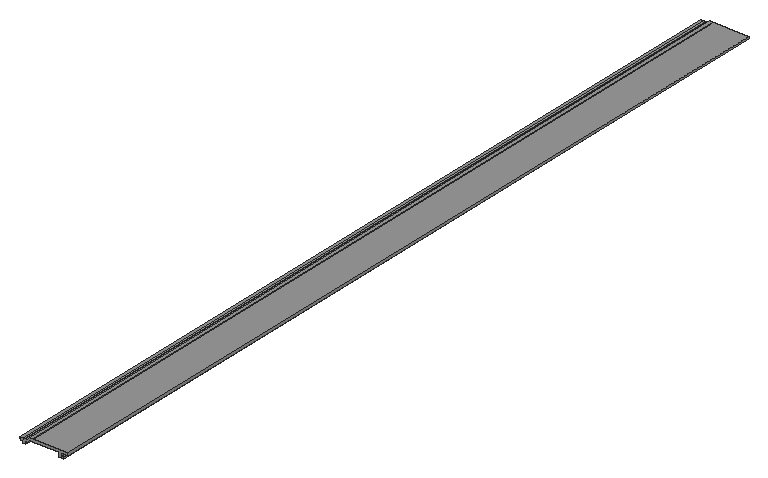
Revit family "OWP-156 CN", category Generic Models, host Face, Revit 2019
Family settings
  Host = Face
  Can host rebar = No
  Round Connector Dimension = Use Diameter
  Part Type = Normal
  Cut with Voids When Loaded = No
  Shared = No
  Room Calculation Point = No
Parameters
  Width = 156 mm
  Thickness = 21 mm
  Material = Teak
  Length = 2800 mm
  Default Elevation = 1219.2 mm
Reference planes
  plane 1 "Center (Front/Back)": y = 0
  plane 2: z = 0
  plane 3 "Center (Left/Right)": x = 0
  plane 4: x = -78
  plane 5: x = 78
  plane 6: z = 21
Forms (mm)
  Extrusion 1, solid, material "Teak" <- "Material"
    sketch origin (0, 0, 0) x (1, 0, 0) y (0, 0, 1)
      loop
        line (-78, 14.648) -> (-78, 7.001) -> (-71.215, 7.001) -> (-71.215, 0) -> (-59.94, 0) -> (-59.94, 6.917) -> (-52.898, 6.917) -> (-45.836, 13.979) -> (48.352, 13.979) -> (48.352, 0) -> (64.205, 0) -> (64.205, 7) -> (57.187, 7) -> (57.187, 13.979) -> (78, 13.979) -> (78, 21) -> (-48.314, 21) -> (-54.633, 14.648) -> (-59.638, 14.648) -> (-61.264, 13.352) -> (-66.27, 13.352) -> (-67.854, 14.648) -> (-78, 14.648)
    from -2800 to 0
Dimensions and locks
  equal spacing: plane 4, plane 3 "Center (Left/Right)", plane 5  (x2)
  plane 4 to plane 5 = 156 mm
  "Thickness": plane 6 to host face
  "Width": plane 4 to plane 5
  "Length": plane 1 "Center (Front/Back)" to Extrusion 1
  aligned and locked: plane 2 to host face
  aligned and locked: level to host face
  aligned and locked: plane 1 "Center (Front/Back)" to Extrusion 1
Automatic sketch dimensions
  host sketch curve to host sketch curve = 2438.4 mm  (x2)
  plane 4 to Extrusion 1 sketch curve = 0 mm
  Extrusion 1 sketch curve to level = 0 mm  (x2)
  Extrusion 1 sketch curve to plane 6 = 0 mm
  plane 5 to Extrusion 1 sketch curve = 0 mm
  Extrusion 1 sketch curve to plane 4 = 6.785 mm
  Extrusion 1 sketch curve to Extrusion 1 sketch curve = 3.36 mm
  Extrusion 1 sketch curve to Extrusion 1 sketch curve = 1.585 mm
  Extrusion 1 sketch curve to Extrusion 1 sketch curve = 5.005 mm  (x2)
  Extrusion 1 sketch curve to Extrusion 1 sketch curve = 1.325 mm
  plane 6 to Extrusion 1 sketch curve = 6.352 mm  (x2)
  Extrusion 1 sketch curve to Extrusion 1 sketch curve = 1.627 mm
  Extrusion 1 sketch curve to Extrusion 1 sketch curve = 7.042 mm
  Extrusion 1 sketch curve to Extrusion 1 sketch curve = 6.319 mm
  plane 5 to Extrusion 1 sketch curve = 29.648 mm
  Extrusion 1 sketch curve to Extrusion 1 sketch curve = 8.836 mm
  Extrusion 1 sketch curve to Extrusion 1 sketch curve = 7.017 mm
  Extrusion 1 sketch curve to Extrusion 1 sketch curve = 6.917 mm
  level to Extrusion 1 sketch curve = 7 mm
  level to Extrusion 1 sketch curve = 7.001 mm
  Extrusion 1 sketch curve to Extrusion 1 sketch curve = 1.296 mm
  Extrusion 1 sketch curve to Extrusion 1 sketch curve = 6.979 mm
  Extrusion 1 sketch curve to Extrusion 1 sketch curve = 2.478 mm
  plane 6 to Extrusion 1 sketch curve = 7.021 mm
